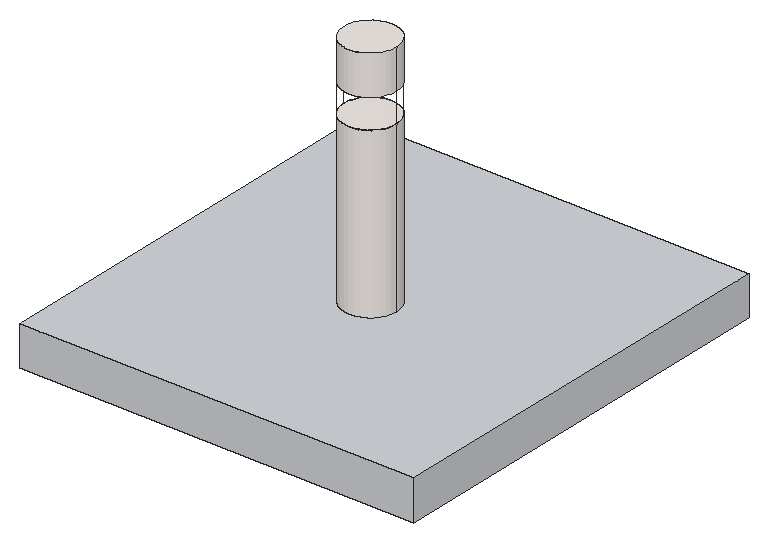
Revit family "Pathway_Cooper_McGraw-Edison _BSC-BRC_Round", category Lighting Fixtures, host Face, Revit 2015
Parameters
  Wiring Access Diameter = 0' - 0"
  Width = 0' - 8"  # constant formula
  Wattage Comments = "Wattage"
  Wattage = 69 W
  built-in parameter 1150110 = 1 (stored number, unit not read)
  Voltage = "Voltage"
  URL = "http://www.cooperlighting.com/"
  Tilt Angle = 60.00°
  Supply Voltage = 0 V
  Series = "Series"
  Product data url = "https://bimobject.com/en-us/eatonlighting/product/pathway_cooper_mcgraw-edison-bsc-brc_round"
  Photometric Web File = "File"
  Options = Options : Single Fuse (120, 277 or 347V)
  Number of Poles = 1
  built-in parameter 1150142 = (empty or 0)
  No of Circuits = 0
  Model = "Model"
  Lamp = "Lamp"
  Housing Type = "Die cast aluminum"
  Electrical Connector Description = ""
  Distribution = ""
  Diffusers/Shielding = ""
  Description = "Description"
  built-in parameter 1114217 = 1 (stored number, unit not read)
  Total Input Wattage = 0 W
  built-in parameter 1150109 = 1 (stored number, unit not read)
  built-in parameter 1150134 = 3
  built-in parameter 1150113 = 1 (stored number, unit not read)
  Shipping Weight = 0 lbf
  Product Page URL = ""
  Product Documentation Link = ""
  Power Factor = 0
  Packaging = "Unit Pack"
  Manufacturer = "Cooper Industries, Inc."  # constant formula
  built-in parameter 1150105 = 189.13 (stored number, unit not read)
  Lumens = 2376.67 lm
  built-in parameter 1150115 = 1 (stored number, unit not read)
  built-in parameter 1150137 = (empty or 0)
  built-in parameter 1150139 = (empty or 0)
  Light Bulb Material = Metal - Cooper Industries - Aluminum - White
  Length = 0' - 8"  # constant formula
  built-in parameter 1150112 = 1 (stored number, unit not read)
  Lamp Quantity = 1
  built-in parameter 1150114 = 1 (stored number, unit not read)
  built-in parameter 1150132 = (empty or 0)
  built-in parameter 1150102 = (empty or 0)
  built-in parameter 1150107 = 3200 (stored number, unit not read)
  built-in parameter 1150138 = (empty or 0)
  built-in parameter 1150106 = 1.8913 (stored number, unit not read)
  Has Biaxial Bulb = yes
  Frame Material = Metal - Cooper Industries - Steel - White
  Efficiency = "0.00%"
  built-in parameter 1150104 = (empty or 0)
  Dimming Lamp Color Temperature Shift = (empty or 0)
  Diffuser Material = Metal - Cooper Industries - Aluminum - White
  Depth = 3' - 0"
  Default Elevation = 0' - 0"
  Copyright © = "© 2000-2010 Cooper Industries, Inc."  # constant formula
  Color Filter = 16777215
  Catalog Number = ""
  Bulb Biaxial Angle = 0.00°
  Ballast Voltage = Supply Voltage  # 0 V
  Ballast Type = ""
  Ballast Quantity = 0
  built-in parameter 1114218 = 1 (stored number, unit not read)
  Ballast Configuration = ""
  built-in parameter 1150133 = 10 (stored number, unit not read)
  Assembly Code = "D5020"
  Apparent Load = Total Input Wattage  # 0 VA
Reference planes (in)
  plane 1 "Center (Front/Back)": y = 0
  plane 2 "Host Face": z = 0
  plane 3 "Center (Left/Right)": x = 0
  plane 4: y = 4
  plane 5: y = -4
  plane 6: x = -4
  plane 7: x = 4
  plane 8: z = 36
  plane 9: z = 30
  plane 10: z = 25.5
  plane 11: z = 27.75
Forms (in)
  Extrusion 1, solid
    sketch origin (0, 0, 0) x (1, 0, 0) y (0, 1, 0)
      loop
        line (-29, 33.25) -> (-29, -30.23967) -> (30.86026, -30.23967) -> (30.86026, 33.25) -> (-29, 33.25)
    from 0 to -6
  Extrusion 2, solid, material "Metal - Cooper Industries - Steel - White" <- "Frame Material"
    sketch origin (0, 0, 0) x (1, 0, 0) y (0, 1, 0)
      loop
        circle (0, 0) r 4
    from 0 to 25.5
  Extrusion 3, solid, material "Metal - Cooper Industries - Aluminum - White" <- "Diffuser Material"
    sketch origin (0, 0, 0) x (1, 0, 0) y (0, 1, 0)
      loop
        circle (0, 0) r 4
    from 25.5 to 30
  Extrusion 4, solid, material "Metal - Cooper Industries - Steel - White" <- "Frame Material"
    sketch origin (0, 0, 0) x (1, 0, 0) y (0, 1, 0)
      loop
        circle (0, 0) r 4
    from 30 to 36
Dimensions and locks (in)
  equal spacing: plane 4, plane 1 "Center (Front/Back)", plane 5
  equal spacing: plane 6, plane 3 "Center (Left/Right)", plane 7
  "Length": plane 6 to plane 7
  "Width": plane 4 to plane 5
  "Depth": plane 8 to plane 2 "Host Face"
  locked: plane 4 to Extrusion 2 sketch curve at 0
  plane 8 to plane 9 to plane 10 = 0' - 6" locked, 0' - 4 1/2" locked
  equal spacing: plane 9, plane 11, plane 10
  aligned and locked: plane 2 "Host Face" to Extrusion 1
  aligned and locked: level to Extrusion 1
  aligned: imposter light to plane 1 "Center (Front/Back)"
  aligned: plane 1 "Center (Front/Back)" to imposter light
  aligned: plane 3 "Center (Left/Right)" to imposter light  (x3)
  aligned and locked: plane 10 to Extrusion 2
  aligned and locked: Extrusion 3 sketch curve to Extrusion 2  (x2)
  aligned and locked: plane 9 to Extrusion 3
  aligned and locked: Extrusion 3 to Extrusion 2
  aligned and locked: Extrusion 4 sketch curve to Extrusion 3  (x2)
  aligned and locked: plane 8 to Extrusion 4
  aligned and locked: Extrusion 4 to plane 9
  aligned and locked: plane 1 "Center (Front/Back)" to imposter light
  aligned and locked: plane 11 to imposter light
Automatic sketch dimensions
  Extrusion 1 sketch curve to Extrusion 1 sketch curve = 4' - 11.86026"
  Extrusion 1 sketch curve to Extrusion 1 sketch curve = 5' - 3.48967"
  plane 1 "Center (Front/Back)" to Extrusion 2 sketch curve = 0' - 0"
  Extrusion 2 sketch curve to plane 3 "Center (Left/Right)" = 0' - 0"
Connectors (in)
  electrical at (0, 0, 0), driven by "Power Factor", driven by "Apparent Load", driven by "Supply Voltage", driven by "Number of Poles", driven by "Electrical Connector Description"
    settings: index 1, voltage 0 V, apparent load 0 VA, apparent load phase1 0 VA, apparent load phase2 0 VA, apparent load phase3 0 VA, power factor 0, load classification "Lighting", number of poles 1, system type 30, power factor state 1, is connector primary yes, connector utility no, sub classification motor no, connector description ""
